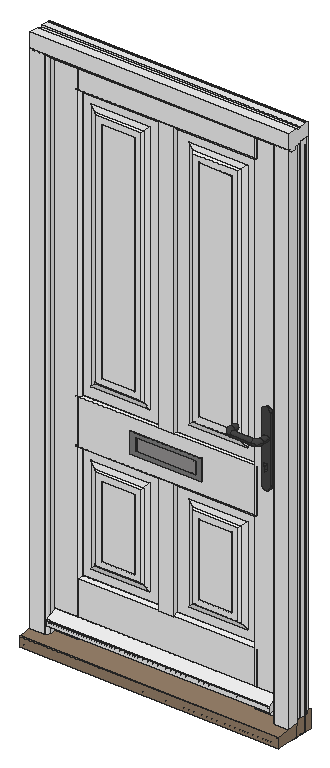
Revit family "ED22", category Doors, host Wall, Revit 2012
Parameters
  White = White
  LeverRequired = yes
  Lever/HandleHeight = 1000.0 mm
  Lever/HandleFromLeafSide = 29.0 mm
  LetterBox1 = LetterBox 1
  LetterBox = LetterBox
  Function = Interior
  Height = 2100.0 mm
  Wall Closure = By host
  Width = 996.0 mm
Reference planes
  plane 1 "Center (Front/Back)": y = 0
  plane 2 "Center (Left/Right)": x = 0
  plane 3 "Left": x = -498
  plane 4 "Right": x = 498
  plane 5 "Top": z = 2100
  plane 6 "Exterior": y = 47
  plane 7 "Interior": y = -47
  plane 8: z = 249.6
  plane 9: z = 717.6
  plane 10: z = 483.6
  plane 11: z = 879.6
  plane 12: z = 1555.6
  plane 13: z = 1217.6
  plane 14: z = 1638.6
  plane 15: z = 1949
  plane 16: z = 2048
  plane 17: x = 29
  plane 18: x = -29
  plane 19: x = 342
  plane 20: x = -342
  plane 21: x = -185.5
  plane 22: x = 185.5
  plane 23: y = -14
  plane 24: z = 1000
Forms (mm)
  Sweep 1, solid, material "White" <- "White"
    path origin (0, -29.205, 0) x (1, 0, 0) y (0, 0, 1)
      loop
        line (-498, 2100) -> (498, 2100)
    profile origin (0, -29.205, 2100) x (0, 0, 1) y (0, -1, 0)
      loop
        line (0, -19.2) -> (0, 17.8) -> (-55, 17.8) -> (-55, 14.8)
        arc (-55, 14.8) -> (-62.071, 11.871) -> (-65, 4.8) r 10
        line (-65, 4.8) -> (-68, 4.8) -> (-68, -11.2) -> (-48, -11.2) -> (-48, -15.2) -> (-56, -15.2) -> (-56, -25.2) -> (-48, -25.2) -> (-48, -28.2) -> (-54, -28.2) -> (-54, -36.2) -> (-48, -36.2) -> (-48, -61.2)
        arc (-48, -61.2) -> (-47.414, -62.614) -> (-46, -63.2) r 2
        line (-46, -63.2) -> (-45, -63.2) -> (-45, -70.2) -> (-46, -70.2)
        arc (-46, -70.2) -> (-47.414, -70.786) -> (-48, -72.2) r 2
        line (-48, -72.2) -> (-48, -76.2) -> (0, -76.2) -> (0, -71.2) -> (-2, -71.2)
        arc (-2, -71.2) -> (-5, -68.2) -> (-2, -65.2) r 3
        line (-2, -65.2) -> (0, -65.2) -> (0, -39.2) -> (-5, -39.2) -> (-5, -19.2) -> (0, -19.2)
  Sweep 2, solid, material "White" <- "White"
    path origin (0, 0, 0) x (1, 0, 0) y (0, 0, 1)
      loop
        line (-498, 0) -> (-498, 2048)
    profile origin (-498, 0, 1024) x (-1, 0, 0) y (0, -1, 0)
      loop
        line (0, 10) -> (0, 47) -> (-55, 47) -> (-55, 44)
        arc (-55, 44) -> (-62.071, 41.071) -> (-65, 34) r 10
        line (-65, 34) -> (-68, 34) -> (-68, 18) -> (-48, 18) -> (-48, 14) -> (-56, 14) -> (-56, 4) -> (-48, 4) -> (-48, 1) -> (-54, 1) -> (-54, -7) -> (-48, -7) -> (-48, -32)
        arc (-48, -32) -> (-47.414, -33.414) -> (-46, -34) r 2
        line (-46, -34) -> (-45, -34) -> (-45, -41) -> (-46, -41)
        arc (-46, -41) -> (-47.414, -41.586) -> (-48, -43) r 2
        line (-48, -43) -> (-48, -47) -> (0, -47) -> (0, -42) -> (-2, -42)
        arc (-2, -42) -> (-5, -39) -> (-2, -36) r 3
        line (-2, -36) -> (0, -36) -> (0, -10) -> (-5, -10) -> (-5, 10) -> (0, 10)
  Sweep 3, solid, material "White" <- "White"
    path origin (0, 0, 0) x (-1, 0, 0) y (0, 0, -1)
      loop
        line (-498, 0) -> (-498, -2048)
    profile origin (498, 0, 1024) x (-1, 0, 0) y (0, -1, 0)
      loop
        line (0, 10) -> (5, 10) -> (5, -10) -> (0, -10) -> (0, -36) -> (2, -36)
        arc (2, -36) -> (5, -39) -> (2, -42) r 3
        line (2, -42) -> (0, -42) -> (0, -47) -> (48, -47) -> (48, -43)
        arc (48, -43) -> (47.414, -41.586) -> (46, -41) r 2
        line (46, -41) -> (45, -41) -> (45, -34) -> (46, -34)
        arc (46, -34) -> (47.414, -33.414) -> (48, -32) r 2
        line (48, -32) -> (48, -7) -> (54, -7) -> (54, 1) -> (48, 1) -> (48, 4) -> (56, 4) -> (56, 14) -> (48, 14) -> (48, 18) -> (68, 18) -> (68, 34) -> (65, 34)
        arc (65, 34) -> (62.071, 41.071) -> (55, 44) r 10
        line (55, 44) -> (55, 47) -> (0, 47) -> (0, 10)
  Sweep 4, solid, material "White" <- "White"
    path origin (20, 0, 0) x (1, 0, 0) y (0, 0, 1)
      loop
        line (-518, 0) -> (-518, 2048)
    profile origin (-498, 0, 1024) x (-1, 0, 0) y (0, -1, 0)
      loop
        line (-156, 14) -> (-167, 3) -> (-167, 1) -> (-151, 1) -> (-151, -46) -> (-55, -46)
        arc (-55, -46) -> (-52.879, -45.121) -> (-52, -43) r 3
        line (-52, -43) -> (-52, -11)
        arc (-52, -11) -> (-52.586, -9.586) -> (-54, -9) r 2
        line (-54, -9) -> (-60, -9) -> (-60, 11)
        arc (-60, 11) -> (-60.879, 13.121) -> (-63, 14) r 3
        line (-63, 14) -> (-156, 14)
  Sweep 5, solid, material "White" <- "White"
    path origin (-20, 0, 0) x (-1, 0, 0) y (0, 0, -1)
      loop
        line (-518, 0) -> (-518, -2048)
    profile origin (498, 0, 1024) x (-1, 0, 0) y (0, -1, 0)
      loop
        line (156, 14) -> (63, 14)
        arc (63, 14) -> (60.879, 13.121) -> (60, 11) r 3
        line (60, 11) -> (60, -9) -> (54, -9)
        arc (54, -9) -> (52.586, -9.586) -> (52, -11) r 2
        line (52, -11) -> (52, -43)
        arc (52, -43) -> (52.879, -45.121) -> (55, -46) r 3
        line (55, -46) -> (151, -46) -> (151, 1) -> (167, 1) -> (167, 3) -> (156, 14)
  Sweep 6, solid, material "Wood"
    path origin (0, 0, 0) x (1, 0, 0) y (0, 0, 1)
      loop
        line (498, 0) -> (-498, 0)
    profile origin (0, 0, 0) x (0, 0, -1) y (0, -1, 0)
      loop
        line (-65, -59) -> (0, -59) -> (0, -22) -> (-5, -22) -> (-5, -2) -> (0, -2) -> (0, 6) -> (-33, 6) -> (-33, 1) -> (-48.176, 1) -> (-48.176, 6) -> (-57, 6)
        arc (-57, 6) -> (-57.707, 5.707) -> (-58, 5) r 1
        line (-58, 5) -> (-58, -43) -> (-68, -43) -> (-68, -56)
        arc (-68, -56) -> (-67.121, -58.121) -> (-65, -59) r 3
  Sweep 7, solid, material "Wood"
    path origin (0, -3.037, 0) x (1, 0, 0) y (0, 0, 1)
      loop
        line (498, 0) -> (-498, 0)
    profile origin (0, -3.037, 0) x (0, 0, -1) y (0, -1, 0)
      loop
        line (-2, 87.963) -> (0, 87.963) -> (0, 92.963) -> (-35.11, 92.963)
        arc (-35.11, 92.963) -> (-36.436, 92.461) -> (-37.095, 91.207) r 2
        line (-37.095, 91.207) -> (-48.176, 0.963) -> (-48.176, -4.037) -> (-33, -4.037) -> (-33, 2.963) -> (0, 2.963) -> (0, 81.963) -> (-2, 81.963)
        arc (-2, 81.963) -> (-5, 84.963) -> (-2, 87.963) r 3
  Sweep 8, solid, material "White" <- "White"
    path origin (0, 3.469, 0) x (1, 0, 0) y (0, 0, 1)
      loop
        line (-347, 483.6) -> (347, 483.6)
    profile origin (0, 3.469, 483.6) x (0, 0, 1) y (0, -1, 0)
      loop
        line (-403.9, -43) -> (-234, -43) -> (-234, 4) -> (-217.9, 4) -> (-217.9, 6) -> (-228.9, 17) -> (-358.9, 17) -> (-358.9, 12) -> (-371.9, 12) -> (-371.9, 17) -> (-403.9, 17) -> (-403.9, -43)
  Sweep 9, solid, material "White" <- "White"
    path origin (0, 3, -5) x (1, 0, 0) y (0, 0, 1)
      loop
        line (-430, 488.6) -> (430, 488.6)
    profile origin (0, 3, 483.6) x (0, 0, 1) y (0, -1, 0)
      loop
        line (-403.9, 17) -> (-371.9, 17) -> (-371.9, 12) -> (-358.9, 12) -> (-358.9, 17) -> (-383.987, 55.631)
        arc (-383.987, 55.631) -> (-385.072, 56.634) -> (-386.503, 56.997) r 3
        line (-386.503, 56.997) -> (-403.9, 56.997) -> (-403.9, 51.997) -> (-401.9, 51.997)
        arc (-401.9, 51.997) -> (-398.9, 48.997) -> (-401.9, 45.997) r 3
        line (-401.9, 45.997) -> (-403.9, 45.997) -> (-403.9, 17)
  Sweep 10, solid, material "White" <- "White"
    path origin (0, 3.234, 640) x (1, 0, 0) y (0, 0, 1)
      loop
        line (-347, 239.6) -> (347, 239.6)
    profile origin (0, 3.234, 879.6) x (0, 0, 1) y (0, -1, 0)
      loop
        line (-162, -43) -> (0, -43) -> (0, 4) -> (7.263, 4) -> (7.263, 6) -> (5, 17) -> (-167, 17) -> (-178, 6) -> (-178, 4) -> (-162, 4) -> (-162, -43)
  Sweep 11, solid, material "White" <- "White"
    path origin (0, 3.547, 1800) x (1, 0, 0) y (0, 0, 1)
      loop
        line (-347, 300) -> (347, 300)
    profile origin (0, 3.547, 2100) x (0, 0, 1) y (0, -1, 0)
      loop
        line (-156, 17) -> (-167, 6) -> (-167, 4) -> (-151, 4) -> (-151, -43) -> (-55, -43)
        arc (-55, -43) -> (-52.879, -42.121) -> (-52, -40) r 3
        line (-52, -40) -> (-52, -8)
        arc (-52, -8) -> (-52.586, -6.586) -> (-54, -6) r 2
        line (-54, -6) -> (-60, -6) -> (-60, 14)
        arc (-60, 14) -> (-60.879, 16.121) -> (-63, 17) r 3
        line (-63, 17) -> (-156, 17)
  Extrusion 12, solid, material "White" <- "White"
    sketch origin (0, 0, 0) x (0, 1, 0) y (0, 0, 1)
      loop
        line (-2.453, 1933) -> (-14, 1944.547) -> (-14, 884.552) -> (-2.766, 886.863) -> (-1, 886.863) -> (-1, 1933) -> (-2.453, 1933)
    from -29 to 29
  Extrusion 13, solid, material "White" <- "White"
    sketch origin (0, 0, -1199.4) x (0, 1, 0) y (0, 0, 1)
      loop
        line (-2.766, 1901) -> (-14, 1912.234) -> (-14, 1453.631) -> (-2.531, 1465.1) -> (-1, 1465.1) -> (-1, 1901) -> (-2.766, 1901)
    from -29 to 29
  Sweep 14, solid, material "White" <- "White"
    path origin (0, 0, 0) x (1, 0, 0) y (0, 0, 1)
      loop
        line (331, 1933) -> (45, 1933) -> (45, 895.6) -> (331, 895.6) -> (331, 1933)
    profile origin (188, 0, 1933) x (0, 0, -1) y (0, -1, 0)
      loop
        line (-11, -44) -> (-11, -41)
        arc (-11, -41) -> (-5.343, -38.657) -> (-3, -33) r 8
        line (-3, -33) -> (0, -33) -> (0, -29) -> (-4, -28) -> (-4, -25) -> (-16, -25) -> (-16, -44) -> (-11, -44)
  Sweep 15, solid, material "White" <- "White"
    path origin (0, 0, 0) x (1, 0, 0) y (0, 0, 1)
      loop
        line (45, 1933) -> (45, 895.6) -> (331, 895.6) -> (331, 1933) -> (45, 1933)
    profile origin (188, 0, 1933) x (0, 0, 1) y (0, -1, 0)
      loop
        line (15, -21) -> (-79, -21) -> (-79, -37.245) -> (-56.25, -37.245) -> (-50.284, -31.279) -> (-30.25, -25) -> (15, -25) -> (15, -21)
      loop
        line (15, -5) -> (15, -1) -> (-30.25, -1) -> (-50.284, 5.279) -> (-56.25, 11.245) -> (-79, 11.245) -> (-79, -5) -> (15, -5)
  Sweep 16, solid, material "White" <- "White"
    path origin (0, 0, 0) x (-1, 0, 0) y (0, 0, -1)
      loop
        line (331, -1933) -> (331, -895.6) -> (45, -895.6) -> (45, -1933) -> (331, -1933)
    profile origin (-188, 0, 1933) x (0, 0, 1) y (0, -1, 0)
      loop
        line (11, -44) -> (16, -44) -> (16, -25) -> (4, -25) -> (4, -28) -> (0, -29) -> (0, -33) -> (3, -33)
        arc (3, -33) -> (5.343, -38.657) -> (11, -41) r 8
        line (11, -41) -> (11, -44)
  Extrusion 17, solid, material "White" <- "White"
    sketch origin (0, 0, 0) x (1, 0, 0) y (0, 0, 1)
      loop
        line (-29, 1949) -> (-29, 879.6) -> (29, 879.6) -> (29, 1949) -> (-29, 1949)
    from -46 to -25
  Sweep 18, solid, material "White" <- "White"
    path origin (0, 0, 0) x (-1, 0, 0) y (0, 0, -1)
      loop
        line (45, -1933) -> (331, -1933) -> (331, -895.6) -> (45, -895.6) -> (45, -1933)
    profile origin (-188, 0, 1933) x (0, 0, -1) y (0, -1, 0)
      loop
        line (-15, -21) -> (-15, -25) -> (30.25, -25) -> (50.284, -31.279) -> (56.25, -37.245) -> (79, -37.245) -> (79, -21) -> (-15, -21)
      loop
        line (-15, -5) -> (79, -5) -> (79, 11.245) -> (56.25, 11.245) -> (50.284, 5.279) -> (30.25, -1) -> (-15, -1) -> (-15, -5)
  Sweep 19, solid, material "White" <- "White"
    path origin (0, 0, -1597) x (1, 0, 0) y (0, 0, 1)
      loop
        line (331, 2298.6) -> (45, 2298.6) -> (45, 1862.7) -> (331, 1862.7) -> (331, 2298.6)
    profile origin (188, 0, 701.6) x (0, 0, -1) y (0, -1, 0)
      loop
        line (-11, -44) -> (-11, -41)
        arc (-11, -41) -> (-5.343, -38.657) -> (-3, -33) r 8
        line (-3, -33) -> (0, -33) -> (0, -29) -> (-4, -28) -> (-4, -25) -> (-16, -25) -> (-16, -44) -> (-11, -44)
  Sweep 20, solid, material "White" <- "White"
    path origin (0, 0, -1597) x (1, 0, 0) y (0, 0, 1)
      loop
        line (45, 2298.6) -> (45, 1862.7) -> (331, 1862.7) -> (331, 2298.6) -> (45, 2298.6)
    profile origin (188, 0, 701.6) x (0, 0, 1) y (0, -1, 0)
      loop
        line (15, -21) -> (-79, -21) -> (-79, -37.245) -> (-56.25, -37.245) -> (-50.284, -31.279) -> (-30.25, -25) -> (15, -25) -> (15, -21)
      loop
        line (15, -5) -> (15, -1) -> (-30.25, -1) -> (-50.284, 5.279) -> (-56.25, 11.245) -> (-79, 11.245) -> (-79, -5) -> (15, -5)
  Sweep 21, solid, material "White" <- "White"
    path origin (0, 0, -1597) x (-1, 0, 0) y (0, 0, -1)
      loop
        line (331, -2298.6) -> (331, -1862.7) -> (45, -1862.7) -> (45, -2298.6) -> (331, -2298.6)
    profile origin (-188, 0, 701.6) x (0, 0, 1) y (0, -1, 0)
      loop
        line (11, -44) -> (16, -44) -> (16, -25) -> (4, -25) -> (4, -28) -> (0, -29) -> (0, -33) -> (3, -33)
        arc (3, -33) -> (5.343, -38.657) -> (11, -41) r 8
        line (11, -41) -> (11, -44)
  Sweep 22, solid, material "White" <- "White"
    path origin (0, 0, -1597) x (-1, 0, 0) y (0, 0, -1)
      loop
        line (45, -2298.6) -> (331, -2298.6) -> (331, -1862.7) -> (45, -1862.7) -> (45, -2298.6)
    profile origin (-188, 0, 701.6) x (0, 0, -1) y (0, -1, 0)
      loop
        line (-15, -21) -> (-15, -25) -> (30.25, -25) -> (50.284, -31.279) -> (56.25, -37.245) -> (79, -37.245) -> (79, -21) -> (-15, -21)
      loop
        line (-15, -5) -> (79, -5) -> (79, 11.245) -> (56.25, 11.245) -> (50.284, 5.279) -> (30.25, -1) -> (-15, -1) -> (-15, -5)
  Extrusion 23, solid, material "White" <- "White"
    sketch origin (0, 0, 0) x (1, 0, 0) y (0, 0, 1)
      loop
        line (252, 1854) -> (124, 1854) -> (124, 974.6) -> (252, 974.6) -> (252, 1854)
      loop
        line (-124, 1854) -> (-252, 1854) -> (-252, 974.6) -> (-124, 974.6) -> (-124, 1854)
      loop
        line (252, 622.6) -> (124, 622.6) -> (124, 344.7) -> (252, 344.7) -> (252, 622.6)
      loop
        line (-124, 622.6) -> (-252, 622.6) -> (-252, 344.7) -> (-124, 344.7) -> (-124, 622.6)
    from -37.245 to 11.245
  Extrusion 24, solid, material "White" <- "White"
    sketch origin (0, 0, -1231.4) x (1, 0, 0) y (0, 0, 1)
      loop
        line (-29, 1949) -> (-29, 1481) -> (29, 1481) -> (29, 1949) -> (-29, 1949)
    from -46 to -25
Lines and regions (mm)
  Opening 1
    outline origin (-2286, -47, 0) x (1, 0, 0) y (0, 0, 1)
      loop
        line (1788, 0) -> (2784, 0) -> (2784, 2100) -> (1788, 2100) -> (1788, 0)
  symbolic lines, style "Elevation Swing"
    curve 1: line (498, 47, 0) -> (-498, 47, 1050)
    curve 2: line (-498, 47, 1050) -> (498, 47, 2100)
  model lines, style "Elevation Swing"
    curve 3: line (-446, 47, 0) -> (-446, 939, 0)
    curve 4: arc (-446, 939, 0) -> (184.739, 677.739, 0) -> (446, 47, 0) r 892
Text (mm)
  text "Exterior" at (-1904.17, 693.701, 0), in view "Ref. Level"
  text "Interior" at (-1904.17, -638.649, 0), in view "Ref. Level"
  text "Exterior" at (0, 1019.848, 3124.603), in view "Right"
  text "Interior" at (0, -1635.541, 3124.603), in view "Right"
  text "Interior" at (0, -787.806, 3124.376), in view "Left"
  text "Exterior" at (0, 1386.095, 3124.376), in view "Left"
Dimensions and locks
  equal spacing: plane 3 "Left", plane 2 "Center (Left/Right)", plane 4 "Right"
  "Height": level to plane 5 "Top"
  "Width": plane 3 "Left" to plane 4 "Right"
  equal spacing: host wall, curve 2, plane 5 "Top"
  locked: level to plane 8 at 249.6
  equal spacing: plane 8, plane 10, plane 9
  locked: plane 9 to plane 11 at 162
  equal spacing: plane 11, plane 13, plane 12
  locked: plane 12 to plane 14 at 83
  locked: plane 14 to plane 15 at 310.4
  locked: plane 15 to plane 16 at 99
  locked: plane 16 to plane 5 "Top" at 52
  equal spacing: plane 17, plane 2 "Center (Left/Right)", plane 18, locked at 29 each
  locked: plane 19 to plane 4 "Right" at 156
  locked: plane 3 "Left" to plane 20 at 156
  equal spacing: plane 17, plane 22, plane 19
  equal spacing: plane 20, plane 21, plane 18
  locked: Sweep 4 sketch curve to plane 20 at 5
  locked: Sweep 2 to Sweep 4 sketch curve at 4
  locked: plane 19 to Sweep 5 sketch curve at 5
  locked: Sweep 5 sketch curve to plane 4 "Right" at 52
  equal spacing: plane 18, plane 2 "Center (Left/Right)", plane 17
  locked: plane 17 to Sweep 14 sketch curve at 16
  locked: Sweep 14 sketch curve to Sweep 14 sketch curve at 5
  locked: Sweep 14 sketch curve to Sweep 14 sketch curve at 19
  locked: Sweep 14 sketch curve to Sweep 14 sketch curve at 3  (x2)
  locked: Sweep 14 sketch curve to Sweep 14 sketch curve at 4
  locked: Sweep 15 sketch curve to Sweep 11 at 1
  locked: Sweep 15 sketch curve to Sweep 15 sketch curve at 94  (x2)
  locked: Sweep 15 sketch curve to Sweep 15 sketch curve at 4  (x2)
  locked: Sweep 15 sketch curve to Sweep 15 sketch curve at 8.437  (x2)
  locked: Sweep 15 sketch curve to Sweep 15 sketch curve at 20.995  (x2)
  locked: Sweep 16 sketch curve to Sweep 16 sketch curve at 5
  locked: Sweep 16 sketch curve to Sweep 16 sketch curve at 19
  locked: Sweep 16 sketch curve to Sweep 16 sketch curve at 3  (x2)
  locked: Sweep 16 sketch curve to Sweep 16 sketch curve at 4
  locked: Sweep 16 sketch curve to plane 18 at 16
  locked: Sweep 18 sketch curve to Sweep 18 sketch curve at 94  (x2)
  locked: Sweep 18 sketch curve to Sweep 18 sketch curve at 4  (x2)
  locked: Sweep 18 sketch curve to Sweep 18 sketch curve at 8.437  (x2)
  locked: Sweep 18 sketch curve to Sweep 18 sketch curve at 20.995  (x2)
  locked: Sweep 19 sketch curve to Sweep 19 sketch curve at 5
  locked: Sweep 19 sketch curve to Sweep 19 sketch curve at 19
  locked: Sweep 19 sketch curve to Sweep 19 sketch curve at 3  (x2)
  locked: Sweep 19 sketch curve to Sweep 19 sketch curve at 4
  locked: Sweep 20 sketch curve to Sweep 20 sketch curve at 94  (x2)
  locked: Sweep 20 sketch curve to Sweep 20 sketch curve at 4  (x2)
  locked: Sweep 20 sketch curve to Sweep 20 sketch curve at 8.437  (x2)
  locked: Sweep 20 sketch curve to Sweep 20 sketch curve at 20.995  (x2)
  locked: Sweep 21 sketch curve to Sweep 21 sketch curve at 5
  locked: Sweep 21 sketch curve to Sweep 21 sketch curve at 19
  locked: Sweep 21 sketch curve to Sweep 21 sketch curve at 3  (x2)
  locked: Sweep 21 sketch curve to Sweep 21 sketch curve at 4
  locked: Sweep 22 sketch curve to Sweep 22 sketch curve at 94  (x2)
  locked: Sweep 22 sketch curve to Sweep 22 sketch curve at 4  (x2)
  locked: Sweep 22 sketch curve to Sweep 22 sketch curve at 8.437  (x2)
  locked: Sweep 22 sketch curve to Sweep 22 sketch curve at 20.995  (x2)
  equal spacing: plane 9, nested 1, plane 11, locked at 81 each
  locked: nested 2 to Sweep 5 at 55
  locked: nested 3 to Sweep 5 at 55
  "Lever/HandleHeight": level to plane 24
  radius of Sweep 14 sketch curve = 8.0 mm
  radius of Sweep 16 sketch curve = 8.0 mm
  radius of Sweep 19 sketch curve = 8.0 mm
  radius of Sweep 21 sketch curve = 8.0 mm
  aligned and locked: plane 3 "Left" to Opening 1 sketch curve
  aligned and locked: plane 5 "Top" to Opening 1 sketch curve  (x2)
  aligned and locked: Opening 1 sketch curve to plane 4 "Right"
  aligned and locked: Opening 1 sketch curve to level
  aligned and locked: plane 4 "Right" to curve 1
  aligned and locked: plane 3 "Left" to curve 1
  aligned and locked: plane 5 "Top" to curve 2
  aligned and locked: plane 6 "Exterior" to host wall
  aligned and locked: plane 7 "Interior" to host wall
  aligned and locked: plane 5 "Top" to Sweep 1 sketch curve
  aligned and locked: plane 4 "Right" to Sweep 1 sketch curve
  aligned and locked: plane 3 "Left" to Sweep 1 sketch curve
  aligned and locked: Sweep 2 sketch curve to plane 3 "Left"
  aligned and locked: level to Sweep 2 sketch curve
  aligned and locked: plane 4 "Right" to Sweep 3 sketch curve
  aligned and locked: level to Sweep 3 sketch curve
  aligned and locked: Sweep 4 sketch curve to plane 3 "Left"
  aligned and locked: plane 4 "Right" to Sweep 6 sketch curve
  aligned and locked: plane 3 "Left" to Sweep 6 sketch curve
  aligned and locked: Sweep 6 sketch curve to level
  aligned and locked: Sweep 8 sketch curve to plane 10
  aligned and locked: Sweep 8 sketch curve to plane 8
  aligned and locked: Sweep 9 sketch curve to plane 10
  aligned and locked: plane 11 to Sweep 10 sketch curve  (x2)
  aligned and locked: Sweep 10 sketch curve to plane 9
  aligned and locked: plane 5 "Top" to Sweep 11 sketch curve
  aligned and locked: plane 16 to Sweep 11 sketch curve
  aligned and locked: Sweep 11 sketch curve to plane 15
  aligned and locked: plane 18 to Extrusion 12
  aligned and locked: Extrusion 12 to plane 17
  aligned and locked: Extrusion 12 sketch curve to Sweep 11  (x2)
  aligned and locked: Sweep 10 to Extrusion 13 sketch curve
  aligned and locked: Extrusion 13 sketch curve to Sweep 10
  aligned and locked: Extrusion 13 sketch curve to Sweep 2
  aligned and locked: Extrusion 13 sketch curve to Sweep 8  (x2)
  aligned and locked: Sweep 14 sketch curve to Sweep 11
  aligned and locked: Sweep 14 sketch curve to Sweep 5
  aligned and locked: Sweep 14 sketch curve to plane 15
  aligned and locked: plane 15 to Sweep 14
  aligned and locked: Sweep 11 to Sweep 15 sketch curve
  aligned and locked: Sweep 14 to Sweep 15 sketch curve
  aligned and locked: Sweep 5 to Sweep 15 sketch curve
  aligned and locked: Sweep 16 sketch curve to Sweep 11
  aligned and locked: Sweep 16 sketch curve to Sweep 4
  aligned and locked: Sweep 16 to Extrusion 17 sketch curve  (x2)
  aligned and locked: Extrusion 17 sketch curve to Sweep 14
  aligned and locked: Sweep 16 to Extrusion 17
  aligned and locked: Sweep 4 to Extrusion 17
  aligned and locked: plane 15 to Sweep 16
  aligned and locked: Sweep 18 sketch curve to Sweep 16  (x2)
  aligned and locked: Sweep 16 to Sweep 18 sketch curve
  aligned and locked: Sweep 19 sketch curve to Sweep 10
  aligned and locked: Sweep 19 sketch curve to Sweep 5
  aligned and locked: Sweep 19 sketch curve to Sweep 8
  aligned and locked: Sweep 10 to Sweep 20 sketch curve
  aligned and locked: Sweep 20 sketch curve to Sweep 19
  aligned and locked: Sweep 5 to Sweep 20 sketch curve
  aligned and locked: Sweep 8 to Sweep 20 sketch curve
  aligned and locked: Sweep 10 to Sweep 21 sketch curve
  aligned and locked: Sweep 4 to Sweep 21 sketch curve
  aligned and locked: Sweep 8 to Sweep 21 sketch curve
  aligned and locked: Sweep 22 sketch curve to Sweep 10
  aligned and locked: Sweep 22 sketch curve to Sweep 4
  aligned and locked: Sweep 22 sketch curve to Sweep 21
  aligned and locked: Sweep 22 sketch curve to Sweep 8
  aligned and locked: Extrusion 23 sketch curve to Sweep 20  (x4)
  aligned and locked: Extrusion 23 sketch curve to Sweep 22  (x4)
  aligned and locked: plane 23 to nested 1
  aligned and locked: plane 2 "Center (Left/Right)" to nested 1
  aligned and locked: Sweep 5 to Sweep 8 sketch curve
  aligned and locked: Sweep 4 to Sweep 8 sketch curve
  aligned and locked: Sweep 5 to Sweep 11 sketch curve
  aligned and locked: Sweep 11 sketch curve to Sweep 4
  aligned and locked: Extrusion 24 sketch curve to Sweep 10
  aligned and locked: plane 18 to Extrusion 24 sketch curve
  aligned and locked: Extrusion 24 sketch curve to plane 17
  aligned and locked: Extrusion 24 sketch curve to Sweep 8
  aligned and locked: Extrusion 23 sketch curve to Sweep 15
  aligned and locked: Extrusion 23 sketch curve to Sweep 18
  aligned and locked: Extrusion 12 sketch curve to Sweep 10  (x2)
  aligned and locked: nested 3 to nested 2  (x2)
  aligned and locked: nested 3 to Sweep 5
  aligned and locked: Sweep 5 to nested 2
  aligned and locked: plane 24 to nested 2
  aligned and locked: Sweep 10 to Extrusion 17 sketch curve
Automatic sketch dimensions
  curve 1 to level = 0.0 mm
  plane 4 "Right" to curve 2 = 0.0 mm
  profile plane to Sweep 1 sketch curve = 0.0 mm  (x3)
  Sweep 1 sketch curve to Sweep 1 sketch curve = 2.0 mm  (x3)
  profile plane to Sweep 1 sketch curve = 5.0 mm
  Sweep 1 sketch curve to Sweep 1 sketch curve = 43.0 mm
  Sweep 1 sketch curve to Sweep 1 sketch curve = 1.0 mm  (x2)
  Sweep 1 sketch curve to Sweep 1 sketch curve = 0.0 mm  (x2)
  Sweep 1 sketch curve to Sweep 1 sketch curve = 6.0 mm
  profile plane to Sweep 1 sketch curve = 4.8 mm
  Sweep 1 sketch curve to Sweep 1 sketch curve = 7.0 mm  (x2)
  Sweep 1 sketch curve to Sweep 1 sketch curve = 8.0 mm  (x2)
  Sweep 1 sketch curve to Sweep 1 sketch curve = 10.0 mm  (x2)
  Sweep 1 sketch curve to Sweep 1 sketch curve = 12.0 mm
  Sweep 1 sketch curve to profile plane = 11.2 mm
  Sweep 1 sketch curve to Sweep 1 sketch curve = 4.0 mm  (x2)
  Sweep 1 sketch curve to profile plane = 19.2 mm
  Sweep 1 sketch curve to Sweep 1 sketch curve = 3.0 mm  (x2)
  Sweep 1 sketch curve to Sweep 1 sketch curve = 20.0 mm
  Sweep 1 sketch curve to Sweep 1 sketch curve = 25.0 mm
  Sweep 1 sketch curve to Sweep 1 sketch curve = 26.0 mm
  profile plane to Sweep 1 sketch curve = 17.8 mm
  Sweep 2 sketch curve to profile plane = 0.0 mm  (x3)
  profile plane to Sweep 2 sketch curve = 2.0 mm
  profile plane to Sweep 2 sketch curve = 5.0 mm
  Sweep 2 sketch curve to Sweep 2 sketch curve = 43.0 mm
  Sweep 2 sketch curve to Sweep 2 sketch curve = 1.0 mm  (x2)
  profile plane to Sweep 2 sketch curve = 1.0 mm
  Sweep 2 sketch curve to Sweep 2 sketch curve = 2.0 mm  (x2)
  Sweep 2 sketch curve to Sweep 2 sketch curve = 0.0 mm  (x2)
  Sweep 2 sketch curve to Sweep 2 sketch curve = 6.0 mm
  Sweep 2 sketch curve to Sweep 2 sketch curve = 7.0 mm  (x2)
  Sweep 2 sketch curve to Sweep 2 sketch curve = 8.0 mm
  Sweep 2 sketch curve to Sweep 2 sketch curve = 10.0 mm  (x2)
  Sweep 2 sketch curve to Sweep 2 sketch curve = 12.0 mm
  Sweep 2 sketch curve to profile plane = 7.0 mm
  Sweep 2 sketch curve to profile plane = 10.0 mm
  Sweep 2 sketch curve to Sweep 2 sketch curve = 25.0 mm
  Sweep 2 sketch curve to Sweep 2 sketch curve = 26.0 mm
  Sweep 2 sketch curve to Sweep 2 sketch curve = 3.0 mm  (x2)
  Sweep 2 sketch curve to Sweep 2 sketch curve = 4.0 mm  (x2)
  profile plane to Sweep 2 sketch curve = 10.0 mm
  Sweep 2 sketch curve to Sweep 2 sketch curve = 16.0 mm
  Sweep 2 sketch curve to Sweep 2 sketch curve = 37.0 mm
  Sweep 3 sketch curve to profile plane = 0.0 mm  (x3)
  Sweep 3 sketch curve to profile plane = 2.0 mm
  Sweep 3 sketch curve to profile plane = 5.0 mm
  Sweep 3 sketch curve to Sweep 3 sketch curve = 43.0 mm
  Sweep 3 sketch curve to Sweep 3 sketch curve = 1.0 mm  (x2)
  Sweep 3 sketch curve to Sweep 3 sketch curve = 2.0 mm  (x2)
  Sweep 3 sketch curve to Sweep 3 sketch curve = 0.0 mm  (x2)
  profile plane to Sweep 3 sketch curve = 1.0 mm
  Sweep 3 sketch curve to Sweep 3 sketch curve = 6.0 mm
  Sweep 3 sketch curve to Sweep 3 sketch curve = 7.0 mm  (x2)
  Sweep 3 sketch curve to Sweep 3 sketch curve = 8.0 mm
  Sweep 3 sketch curve to Sweep 3 sketch curve = 10.0 mm  (x2)
  Sweep 3 sketch curve to Sweep 3 sketch curve = 3.0 mm  (x3)
  Sweep 3 sketch curve to profile plane = 7.0 mm
  Sweep 3 sketch curve to profile plane = 10.0 mm
  Sweep 3 sketch curve to Sweep 3 sketch curve = 25.0 mm
  Sweep 3 sketch curve to Sweep 3 sketch curve = 26.0 mm
  Sweep 3 sketch curve to Sweep 3 sketch curve = 4.0 mm  (x2)
  profile plane to Sweep 3 sketch curve = 10.0 mm
  Sweep 3 sketch curve to Sweep 3 sketch curve = 16.0 mm
  Sweep 3 sketch curve to Sweep 3 sketch curve = 37.0 mm
  Sweep 6 sketch curve to profile plane = 0.0 mm  (x2)
  Sweep 6 sketch curve to profile plane = 2.0 mm
  Sweep 6 sketch curve to Sweep 6 sketch curve = 5.0 mm  (x2)
  profile plane to Sweep 6 sketch curve = 1.0 mm
  Sweep 6 sketch curve to Sweep 6 sketch curve = 28.0 mm
  profile plane to Sweep 6 sketch curve = 6.0 mm
  Sweep 6 sketch curve to Sweep 6 sketch curve = 15.176 mm
  Sweep 6 sketch curve to Sweep 6 sketch curve = 8.824 mm
  Sweep 6 sketch curve to Sweep 6 sketch curve = 9.824 mm
  Sweep 6 sketch curve to Sweep 6 sketch curve = 7.0 mm
  Sweep 6 sketch curve to Sweep 6 sketch curve = 3.0 mm
  Sweep 6 sketch curve to Sweep 6 sketch curve = 20.0 mm
  Sweep 6 sketch curve to profile plane = 43.0 mm
  Sweep 6 sketch curve to Sweep 6 sketch curve = 13.0 mm
  Sweep 7 sketch curve to level = 0.0 mm
  plane 3 "Left" to Sweep 7 sketch curve = 0.0 mm
  plane 4 "Right" to Sweep 7 sketch curve = 0.0 mm
  Sweep 7 sketch curve to profile plane = 0.0 mm  (x2)
  Sweep 7 sketch curve to Sweep 7 sketch curve = 2.0 mm
  profile plane to Sweep 7 sketch curve = 2.963 mm
  Sweep 7 sketch curve to Sweep 7 sketch curve = 33.0 mm
  Sweep 7 sketch curve to Sweep 7 sketch curve = 33.11 mm
  Sweep 7 sketch curve to Sweep 7 sketch curve = 1.985 mm
  Sweep 7 sketch curve to profile plane = 4.037 mm
  Sweep 7 sketch curve to Sweep 7 sketch curve = 15.176 mm
  profile plane to Sweep 7 sketch curve = 0.963 mm
  Sweep 7 sketch curve to Sweep 7 sketch curve = 79.0 mm
  Sweep 7 sketch curve to Sweep 7 sketch curve = 3.0 mm  (x2)
  Sweep 7 sketch curve to Sweep 7 sketch curve = 0.244 mm
  Sweep 9 sketch curve to plane 3 "Left" = 68.0 mm
  plane 4 "Right" to Sweep 9 sketch curve = 68.0 mm
  profile plane to Sweep 9 sketch curve = 17.0 mm
  profile plane to Sweep 9 sketch curve = 403.9 mm
  Sweep 9 sketch curve to Sweep 9 sketch curve = 0.0 mm
  Sweep 9 sketch curve to Sweep 9 sketch curve = 2.0 mm
  Sweep 9 sketch curve to Sweep 9 sketch curve = 15.397 mm
  profile plane to Sweep 9 sketch curve = 55.631 mm
  Sweep 9 sketch curve to Sweep 9 sketch curve = 2.516 mm
  profile plane to Sweep 9 sketch curve = 12.0 mm
  Sweep 9 sketch curve to Sweep 9 sketch curve = 32.0 mm
  Sweep 9 sketch curve to Sweep 9 sketch curve = 13.0 mm
  Sweep 9 sketch curve to Sweep 9 sketch curve = 5.0 mm
  Sweep 9 sketch curve to Sweep 9 sketch curve = 9.634 mm
  Sweep 9 sketch curve to Sweep 9 sketch curve = 3.0 mm
  Sweep 9 sketch curve to Sweep 9 sketch curve = 1.634 mm
  profile plane to Sweep 4 sketch curve = 14.0 mm
  Sweep 4 sketch curve to Sweep 4 sketch curve = 5.0 mm
  profile plane to Sweep 4 sketch curve = 1.0 mm
  Sweep 4 sketch curve to Sweep 4 sketch curve = 16.0 mm
  profile plane to Sweep 4 sketch curve = 11.0 mm
  Sweep 4 sketch curve to Sweep 4 sketch curve = 11.0 mm
  Sweep 4 sketch curve to Sweep 4 sketch curve = 3.0 mm
  Sweep 4 sketch curve to Sweep 4 sketch curve = 2.0 mm  (x2)
  Sweep 4 sketch curve to profile plane = 9.0 mm
  Sweep 4 sketch curve to Sweep 4 sketch curve = 32.0 mm
  Sweep 5 sketch curve to Sweep 5 sketch curve = 2.0 mm
  Sweep 5 sketch curve to Sweep 5 sketch curve = 3.0 mm  (x2)
  Sweep 5 sketch curve to Sweep 5 sketch curve = 6.0 mm
  profile plane to Sweep 5 sketch curve = 14.0 mm
  Sweep 5 sketch curve to Sweep 5 sketch curve = 5.0 mm
  profile plane to Sweep 5 sketch curve = 3.0 mm
  Sweep 5 sketch curve to Sweep 5 sketch curve = 11.0 mm
  profile plane to Sweep 5 sketch curve = 1.0 mm
  Sweep 5 sketch curve to profile plane = 9.0 mm
  Sweep 5 sketch curve to Sweep 5 sketch curve = 32.0 mm
  profile plane to Sweep 8 sketch curve = 12.0 mm
  Sweep 8 sketch curve to Sweep 8 sketch curve = 124.9 mm
  Sweep 8 sketch curve to Sweep 8 sketch curve = 13.0 mm
  Sweep 8 sketch curve to Sweep 8 sketch curve = 32.0 mm
  profile plane to Sweep 8 sketch curve = 17.0 mm
  Sweep 8 sketch curve to Sweep 8 sketch curve = 5.1 mm
  profile plane to Sweep 8 sketch curve = 4.0 mm
  Sweep 8 sketch curve to Sweep 8 sketch curve = 16.1 mm
  Sweep 8 sketch curve to profile plane = 43.0 mm
  Sweep 8 sketch curve to Sweep 8 sketch curve = 2.0 mm
  Sweep 8 sketch curve to Sweep 8 sketch curve = 5.0 mm
  Sweep 10 sketch curve to Sweep 10 sketch curve = 5.0 mm
  profile plane to Sweep 10 sketch curve = 4.0 mm  (x2)
  Sweep 10 sketch curve to Sweep 10 sketch curve = 16.0 mm
  Sweep 10 sketch curve to profile plane = 5.0 mm
  profile plane to Sweep 10 sketch curve = 6.0 mm
  Sweep 10 sketch curve to Sweep 10 sketch curve = 2.263 mm
  Sweep 10 sketch curve to profile plane = 43.0 mm
  Sweep 10 sketch curve to Sweep 10 sketch curve = 2.0 mm
  Sweep 10 sketch curve to Sweep 10 sketch curve = 13.0 mm
  profile plane to Sweep 11 sketch curve = 17.0 mm
  Sweep 11 sketch curve to Sweep 11 sketch curve = 5.0 mm
  profile plane to Sweep 11 sketch curve = 4.0 mm
  Sweep 11 sketch curve to Sweep 11 sketch curve = 16.0 mm
  Sweep 11 sketch curve to Sweep 11 sketch curve = 11.0 mm
  Sweep 11 sketch curve to Sweep 11 sketch curve = 3.0 mm  (x2)
  Sweep 11 sketch curve to Sweep 11 sketch curve = 2.0 mm  (x2)
  Sweep 11 sketch curve to profile plane = 6.0 mm
  Sweep 11 sketch curve to Sweep 11 sketch curve = 32.0 mm
  Extrusion 12 sketch curve to plane 23 = 0.0 mm
  host wall to Extrusion 12 sketch curve = 1.0 mm
  Extrusion 13 sketch curve to plane 23 = 0.0 mm
  plane 11 to Sweep 14 sketch curve = 16.0 mm
  Sweep 14 sketch curve to profile plane = 0.0 mm
  Sweep 14 sketch curve to profile plane = 44.0 mm
  Sweep 14 sketch curve to Sweep 14 sketch curve = 4.0 mm
  plane 11 to Sweep 15 sketch curve = 16.0 mm
  Sweep 15 sketch curve to profile plane = 5.0 mm
  Sweep 15 sketch curve to Sweep 15 sketch curve = 0.0 mm
  profile plane to Sweep 15 sketch curve = 11.245 mm
  Sweep 15 sketch curve to Sweep 15 sketch curve = 22.75 mm  (x2)
  Sweep 15 sketch curve to profile plane = 31.279 mm
  Sweep 15 sketch curve to Sweep 15 sketch curve = 5.966 mm
  profile plane to Sweep 15 sketch curve = 5.279 mm
  Sweep 15 sketch curve to Sweep 15 sketch curve = 20.034 mm
  plane 11 to Sweep 16 sketch curve = 16.0 mm
  profile plane to Sweep 16 sketch curve = 0.0 mm
  Sweep 16 sketch curve to profile plane = 3.0 mm
  Sweep 16 sketch curve to profile plane = 44.0 mm
  Sweep 16 sketch curve to Sweep 16 sketch curve = 4.0 mm
  plane 11 to Sweep 18 sketch curve = 16.0 mm
  profile plane to Sweep 18 sketch curve = 15.0 mm  (x2)
  Sweep 18 sketch curve to profile plane = 5.0 mm
  Sweep 18 sketch curve to profile plane = 30.25 mm
  Sweep 18 sketch curve to Sweep 18 sketch curve = 0.0 mm
  Sweep 18 sketch curve to profile plane = 31.279 mm
  Sweep 18 sketch curve to Sweep 18 sketch curve = 20.034 mm
  profile plane to Sweep 18 sketch curve = 5.279 mm
  Sweep 18 sketch curve to Sweep 18 sketch curve = 5.966 mm
  Sweep 18 sketch curve to profile plane = 37.245 mm
  Sweep 19 sketch curve to plane 17 = 16.0 mm
  Sweep 19 sketch curve to profile plane = 0.0 mm
  profile plane to Sweep 19 sketch curve = 11.0 mm
  Sweep 19 sketch curve to profile plane = 44.0 mm
  Sweep 19 sketch curve to Sweep 19 sketch curve = 4.0 mm
  profile plane to Sweep 20 sketch curve = 11.245 mm
  profile plane to Sweep 20 sketch curve = 79.0 mm
  Sweep 20 sketch curve to Sweep 20 sketch curve = 0.0 mm
  Sweep 20 sketch curve to Sweep 20 sketch curve = 22.75 mm  (x2)
  Sweep 20 sketch curve to profile plane = 31.279 mm
  Sweep 20 sketch curve to Sweep 20 sketch curve = 5.966 mm
  profile plane to Sweep 20 sketch curve = 5.279 mm
  Sweep 20 sketch curve to profile plane = 1.0 mm
  Sweep 20 sketch curve to Sweep 20 sketch curve = 20.034 mm
  plane 18 to Sweep 21 sketch curve = 16.0 mm
  profile plane to Sweep 21 sketch curve = 0.0 mm
  Sweep 21 sketch curve to profile plane = 3.0 mm
  Sweep 21 sketch curve to profile plane = 44.0 mm
  Sweep 21 sketch curve to Sweep 21 sketch curve = 4.0 mm
  profile plane to Sweep 22 sketch curve = 15.0 mm  (x2)
  Sweep 22 sketch curve to profile plane = 5.0 mm
  Sweep 22 sketch curve to profile plane = 30.25 mm
  Sweep 22 sketch curve to Sweep 22 sketch curve = 0.0 mm
  Sweep 22 sketch curve to profile plane = 31.279 mm
  Sweep 22 sketch curve to Sweep 22 sketch curve = 20.034 mm
  profile plane to Sweep 22 sketch curve = 5.279 mm
  Sweep 22 sketch curve to Sweep 22 sketch curve = 5.966 mm
  Sweep 22 sketch curve to profile plane = 37.245 mm
  plane 21 to Extrusion 23 sketch curve = 66.5 mm
  Extrusion 23 sketch curve to plane 21 = 61.5 mm
  plane 22 to Extrusion 23 sketch curve = 61.5 mm
  Extrusion 23 sketch curve to plane 22 = 66.5 mm
  plane 11 to Extrusion 23 sketch curve = 95.0 mm  (x2)
  curve 4 to host wall = 0.0 mm
  curve 3 to host wall = 0.0 mm
  curve 3 to plane 3 "Left" = 52.0 mm
  plane 4 "Right" to curve 4 = 52.0 mm
  plane 20 to Sweep 10 sketch curve = 5.0 mm
  Sweep 10 sketch curve to plane 19 = 5.0 mm
  Sweep 4 sketch curve to level = 0.0 mm
  Sweep 4 sketch curve to plane 16 = 0.0 mm
  Sweep 2 sketch curve to plane 16 = 0.0 mm
  plane 4 "Right" to Sweep 5 sketch curve = 0.0 mm
  Sweep 5 sketch curve to plane 16 = 0.0 mm
  Sweep 5 sketch curve to level = 0.0 mm
  Sweep 3 sketch curve to plane 16 = 0.0 mm
Nested families
  nested 1: "LetterBox" at (0, 9.189, -233.224), type "LetterBox"
  nested 2: "DigiLockBack" at (391, 53.918, 820.83) x (-1, 0, 0) z (0, 0, 1), visible <- "LeverRequired", type "DigiLockBack"
  nested 3: "DigiLockBack" at (391, -21.918, 820.83) x (-1, 0, 0) z (0, 0, 1), visible <- "LeverRequired", type "DigiLockBack"
Definition of nested family "LetterBox"
  Parameters (values of type "LetterBox")
    LetterBoxRequired = yes
    LetterBox1 = Veneer
    LetterBox = none
  Reference planes
    plane 1 "Center (Front/Back)": y = 0
    plane 2: z = 0
    plane 3 "Center (Left/Right)": x = 0
    plane 4: z = 1031.824
  Forms (mm)
    Extrusion 1, solid, material "Veneer" <- "LetterBox1", visible <- "LetterBoxRequired"
      sketch origin (2194.66, -23.189, 2273.963) x (-1, 0, 0) y (0, 0, -1)
        loop
          line (2057.16, 1282.139) -> (2057.16, 1202.139) -> (2332.16, 1202.139) -> (2332.16, 1282.139) -> (2057.16, 1282.139)
        loop
          line (2082.16, 1263.239) -> (2082.16, 1221.039) -> (2307.16, 1221.039) -> (2307.16, 1263.239) -> (2082.16, 1263.239)
      from 0 to 2
    Extrusion 2, solid, material "Veneer" <- "LetterBox1"
      sketch origin (2194.66, 22.811, 2273.962) x (-1, 0, 0) y (0, 0, -1)
        loop
          line (2080.16, 1219.039) -> (2309.16, 1219.039) -> (2309.16, 1265.239) -> (2080.16, 1265.239) -> (2080.16, 1219.039)
      from -0.378 to 46
    Extrusion 3, void
      sketch origin (-2848.18, 11.811, 0) x (1, 0, 0) y (0, 0, 1)
        loop
          line (2960.68, 1052.924) -> (2735.68, 1052.924) -> (2735.68, 1010.724) -> (2960.68, 1010.724) -> (2960.68, 1052.924)
      from -8.878 to 36.078
    Extrusion 4, solid, material <- "LetterBox"
      sketch origin (0, 4.311, 0) x (1, 0, 0) y (0, 0, 1)
        loop
          line (114.5, 1054.923) -> (-114.5, 1054.923) -> (-114.5, 1008.723) -> (114.5, 1008.723) -> (114.5, 1054.923)
      from 27.5 to 30
  Cuts and joins
    Extrusion 3 cuts Extrusion 1
    Extrusion 3 cuts Extrusion 2
  Dimensions and locks
    equal spacing: cut or joined group of Extrusion 1, Extrusion 3, plane 3 "Center (Left/Right)", cut or joined group of Extrusion 1, Extrusion 3
    equal spacing: cut or joined group of Extrusion 1, Extrusion 3, plane 4, cut or joined group of Extrusion 1, Extrusion 3
    locked: cut or joined group of Extrusion 1, Extrusion 3 to Extrusion 4 at 2.5
    aligned and locked: plane 2 to level
    aligned and locked: Extrusion 4 sketch curve to cut or joined group of Extrusion 2, Extrusion 3  (x4)
    aligned and locked: cut or joined group of Extrusion 1, Extrusion 3 to Extrusion 4
  Automatic sketch dimensions
    plane 3 "Center (Left/Right)" to Extrusion 1 sketch curve = 137.5 mm
    Extrusion 1 sketch curve to Extrusion 1 sketch curve = 25.0 mm  (x2)
    Extrusion 1 sketch curve to plane 3 "Center (Left/Right)" = 112.5 mm
    level to Extrusion 1 sketch curve = 1071.824 mm
    Extrusion 1 sketch curve to Extrusion 1 sketch curve = 18.9 mm  (x2)
    Extrusion 1 sketch curve to Extrusion 1 sketch curve = 42.2 mm
    plane 3 "Center (Left/Right)" to Extrusion 2 sketch curve = 114.5 mm
    Extrusion 2 sketch curve to plane 3 "Center (Left/Right)" = 114.5 mm
    level to Extrusion 2 sketch curve = 1054.923 mm
    Extrusion 2 sketch curve to Extrusion 2 sketch curve = 46.2 mm
    Extrusion 3 sketch curve to plane 3 "Center (Left/Right)" = 112.5 mm
    plane 3 "Center (Left/Right)" to Extrusion 3 sketch curve = 112.5 mm
    level to Extrusion 3 sketch curve = 1010.724 mm
    Extrusion 3 sketch curve to Extrusion 3 sketch curve = 42.2 mm
Definition of nested family "DigiLockBack"
  Parameters (values of type "DigiLockBack")
    Width = 35.0 mm
    ItemCode = "TBC"
    IronmongeryMaterial = 1.12A ANCHOR FIXING
    Blue = Blue
  Reference planes
    plane 1 "Center (Front/Back)": y = 0
    plane 2: z = 0
    plane 3 "Center (Left/Right)": x = 0
    plane 4: x = -17.5
    plane 5: x = 17.5
    plane 6: y = -18
    plane 7: z = 191.139
    plane 8: z = 244.84
    plane 9: z = 179.17
  Forms (mm)
    Extrusion 1, solid, material "1.12A ANCHOR FIXING" <- "IronmongeryMaterial"
      sketch origin (0, 0, -3.656) x (1, 0, 0) y (0, 0, 1)
        loop
          line (-17.5, 273.792) -> (-17.5, 21.156)
          arc (-17.5, 21.156) -> (0, 3.656) -> (17.5, 21.156) r 17.5
          line (17.5, 21.156) -> (17.5, 273.792)
          arc (17.5, 273.792) -> (0, 291.292) -> (-17.5, 273.792) r 17.5
        loop
          line (-5, 83.766) -> (-5, 70.496)
          arc (-5, 70.496) -> (0, 65.496) -> (5, 70.496) r 5
          line (5, 70.496) -> (5, 83.766)
          arc (5, 83.766) -> (0, 98.746) -> (-5, 83.766) r 8.325
      from 0 to 7.918
    Extrusion 2, void
      sketch origin (0, 0, 110.044) x (-1, 0, 0) y (0, 0, -1)
        loop
          circle (0, -69.126) r 11.5
      from 0 to 6.116
    Sweep 3, solid, material "1.12A ANCHOR FIXING" <- "IronmongeryMaterial"
      path origin (0, -11.116, 0) x (-1, 0, 0) y (0, 1, 0)
        loop
          line (0, 5) -> (0, 39.248)
          arc (0, 39.248) -> (-3.954, 48.794) -> (-13.5, 52.748) r 13.5
          line (-13.5, 52.748) -> (-95.547, 52.748)
          arc (-95.547, 52.748) -> (-109.689, 46.89) -> (-115.547, 32.748) r 20
          line (-115.547, 32.748) -> (-115.547, 14)
      profile origin (0, 11.008, 0) x (-1, 0, 0) y (0, 0, 1)
        loop
          circle (0, 179.17) r 11
  Cuts and joins
    Extrusion 2 cuts Extrusion 1
  Dimensions and locks
    equal spacing: plane 4, plane 3 "Center (Left/Right)", plane 5
    "Width": plane 4 to plane 5
    plane 1 "Center (Front/Back)" to plane 6 = 18.0 mm
    plane 8 to level = 244.84 mm
    plane 8 to plane 9 = 65.67 mm
    aligned and locked: plane 2 to level
  Automatic sketch dimensions
    Sweep 3 sketch curve to plane 3 "Center (Left/Right)" = 0.0 mm
    Sweep 3 sketch curve to plane 5 = 4.0 mm
    plane 1 "Center (Front/Back)" to Sweep 3 sketch curve = 21.632 mm
    plane 5 to Sweep 3 sketch curve = 78.047 mm
    Sweep 3 sketch curve to Sweep 3 sketch curve = 20.0 mm
    plane 1 "Center (Front/Back)" to Sweep 3 sketch curve = 2.884 mm
    Sweep 3 sketch curve to plane 1 "Center (Front/Back)" = 6.116 mm
    Sweep 3 sketch curve to profile plane = 0.0 mm
    level to Sweep 3 sketch curve = 179.17 mm
    Extrusion 2 sketch curve to plane 3 "Center (Left/Right)" = 0.0 mm
    plane 7 to Extrusion 2 sketch curve = 11.969 mm
    Extrusion 2 sketch curve to plane 5 = 6.0 mm
    plane 4 to Extrusion 1 sketch curve = 0.0 mm
    Extrusion 1 sketch curve to plane 3 "Center (Left/Right)" = 0.0 mm  (x3)
    Extrusion 1 sketch curve to plane 3 "Center (Left/Right)" = 5.0 mm
    level to Extrusion 1 sketch curve = 17.5 mm
    Extrusion 1 sketch curve to Extrusion 1 sketch curve = 49.34 mm
    Extrusion 1 sketch curve to Extrusion 1 sketch curve = 13.269 mm
    Extrusion 1 sketch curve to Extrusion 1 sketch curve = 6.656 mm
    plane 8 to Extrusion 1 sketch curve = 25.295 mm
    radius of Sweep 3 sketch curve = 11.0 mm
